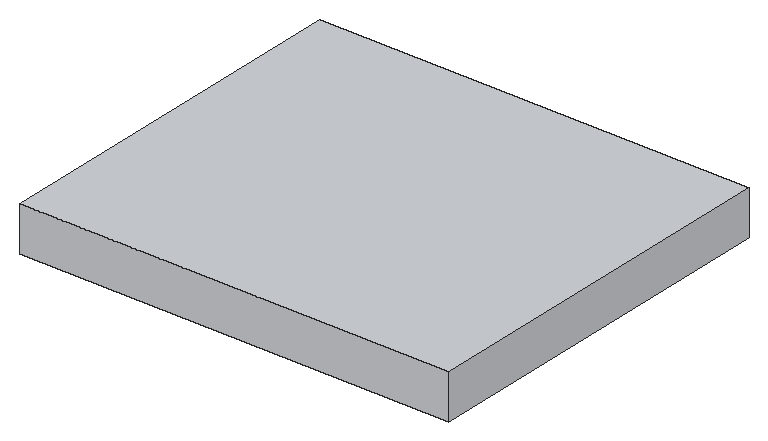
Revit family "new family", category Generic Models, Revit 2016
Family settings
  Part Type = Normal
  Can host rebar = No
  Round Connector Dimension = Use Diameter
  Work Plane-Based = No
  Always vertical = Yes
  Cut with Voids When Loaded = No
  Shared = No
  Room Calculation Point = No
Parameters
  new parameter = "new parameter value"
Reference planes
  plane 1 "Center (Front/Back)": y = 0
  plane 2: z = 0
  plane 3 "Center (Left/Right)": x = 0
Forms (mm)
  Extrusion 1, solid
    sketch origin (0, 0, 0) x (1, 0, 0) y (0, 1, 0)
      loop
        line (-1510.406, 1112.93) -> (-1510.406, -987.07) -> (889.594, -987.07) -> (889.594, 1112.93) -> (-1510.406, 1112.93)
    from 0 to 250
Dimensions and locks
  aligned and locked: level to plane 2
